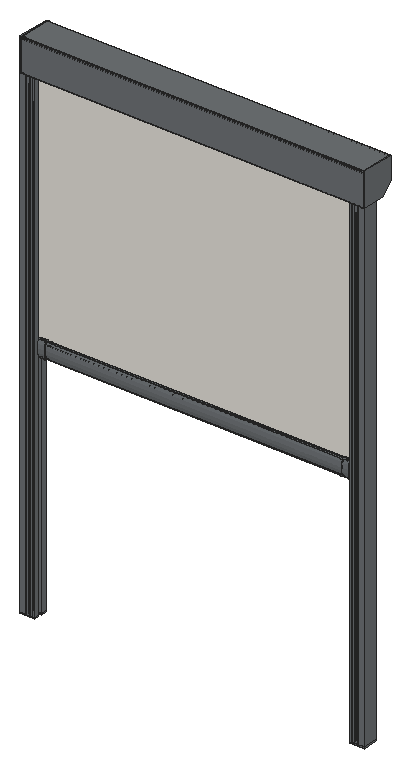
Revit family "Verano_V540_Ritzscreen_GM_R21", category Generic Models, Revit 2021
Family settings
  Can host rebar = No
  Round Connector Dimension = Use Diameter
  Part Type = Normal
  Work Plane-Based = Yes
  Always vertical = Yes
  Cut with Voids When Loaded = No
  Shared = No
  Room Calculation Point = No
Parameters (values of type "Chamfered")
  Width Input (1000 - 4000mm) [instance] = 1000 mm
  Width Constraint [instance] = if([Width Input (1000 - 4000mm)] < Minimal Width, Minimal Width, if([Width Input (1000 - 4000mm)] > Maximal Width, Maximal Width, [Width Input (1000 - 4000mm)]))  # 1000 mm
  Width [instance] = Width Constraint  # 1000 mm
  Warning - Width [instance] = if(or([Width Input (1000 - 4000mm)] < Minimal Width, [Width Input (1000 - 4000mm)] > Maximal Width), 1 = 1, 1 = 0)  # no
  Warning - Height [instance] = if(or([Height Input (1000 - 3000mm)] < Minimal Height, [Height Input (1000 - 3000mm)] > Maximal Height), 1 = 1, 1 = 0)  # no
  Vertical Profile Length [instance] = Height Constraint - 95 mm  # 1405 mm
  URL = "https://verano.nl/catalogus/ritsscreens"
  Profile Length [instance] = Width Constraint - 48.5 mm * 2  # 903 mm
  Model = "V540 Ritzscreen"
  Minimal Width [instance] = 1000 mm  # constant formula
  Minimal Height [instance] = 1000 mm  # constant formula
  Maximal Width [instance] = 4000 mm  # constant formula
  Maximal Height [instance] = 3000 mm  # constant formula
  Manufacturer = "Verano Systems"
  Height Input (1000 - 3000mm) [instance] = 1500 mm
  Height [instance] = Height Constraint  # 1500 mm
  F1 [instance] = (Vertical Profile Length - 37.5 mm - 10.5 mm - 3 mm) * [Closing Factor (1-100%)] / 100  # 677 mm
  F [instance] = (Height Constraint - 95 mm - 3 mm) * [Closing Factor (1-100%)] / 100  # 701 mm
  Sill Height = 800 mm
  Height Constraint [instance] = if([Height Input (1000 - 3000mm)] < Minimal Height, Minimal Height, if([Height Input (1000 - 3000mm)] > Maximal Height, Maximal Height, [Height Input (1000 - 3000mm)]))  # 1500 mm
  H1 [instance] = Height Constraint + Sill Height  # 2300 mm
  Frame Material [instance] = V_Antracite
  Fabric Material [instance] = V_Fabric Beige
  Default Elevation = Sill Height  # 800 mm
  Square Cassette = no
  Closing Factor Limit [instance] = if([Closing Factor (1-100%)] < 1, 1, if([Closing Factor (1-100%)] > 100, 100, [Closing Factor (1-100%)]))  # 50
  Closing Factor (1-100%) [instance] = 50
  Chamfered Cassette = yes
Types (2, lengths in mm): name | URL | Square Cassette | Chamfered Cassette
  Chamfered | "https://verano.nl/catalogus/ritsscreens" | no | yes
  Straight | 0 | yes | no
Reference planes
  plane 1 "Center (Front/Back)": y = 0
  plane 2: z = 0
  plane 3 "Center (Left/Right)": x = 0
  plane 4 "1": z = 800
  plane 5 "4": z = 2300
  plane 6 "3": z = 2205
  plane 7: x = -500
  plane 8: x = 500
  plane 9 "2": z = 1480
  plane 10: z = 1517.5
  plane 11: x = -450
  plane 12: x = 450
  plane 13 "C": y = 18.1
  plane 14: z = 1528
  plane 15: x = 480
  plane 16: x = -480
Forms (mm)
  Extrusion 1, solid, material "V_Fabric Beige" <- "Fabric Material"
    sketch origin (0, 18.1, 0) x (0, 0, -1) y (-1, 0, 0)
      loop
        line (-2205, 480) -> (-2205, -480) -> (-1517.5, -480) -> (-1517.5, 480) -> (-2205, 480)
    from -1 to 1
Dimensions and locks
  locked: plane 5 "4" to plane 6 "3" at 95
  "Sill Height": plane 4 "1" to level
  "Height Constraint": plane 5 "4" to plane 4 "1"
  equal spacing: plane 8, plane 3 "Center (Left/Right)", plane 7
  "Width Constraint": plane 8 to plane 7
  plane 6 "3" to plane 9 "2" = 725 mm
  locked: plane 10 to plane 9 "2" at 37.5
  locked: plane 11 to plane 7 at 50
  locked: plane 8 to plane 12 at 50
  plane 7 to plane 8 = 1000 mm
  "F1": plane 6 "3" to plane 14
  locked: plane 10 to plane 14 at 10.5
  locked: plane 8 to plane 15 at 20
  locked: plane 16 to plane 7 at 20
  aligned and locked: level to plane 2
  aligned and locked: plane 3 "Center (Left/Right)" to nested 1
  aligned and locked: Extrusion 1 to plane 10
  aligned and locked: plane 6 "3" to Extrusion 1
  aligned and locked: plane 10 to nested 2
  aligned and locked: nested 4 to plane 7
  aligned and locked: nested 4 to plane 13 "C"
  aligned and locked: nested 3 to plane 8
  aligned and locked: plane 13 "C" to nested 3
  aligned and locked: plane 4 "1" to nested 4
  aligned and locked: nested 3 to plane 4 "1"
  aligned and locked: Extrusion 1 to plane 16
  aligned and locked: plane 15 to Extrusion 1
Automatic sketch dimensions
  plane 12 to Extrusion 1 sketch curve = 30 mm
  Extrusion 1 sketch curve to plane 11 = 30 mm
  Extrusion 1 sketch curve to plane 6 "3" = 0 mm
  Extrusion 1 sketch curve to plane 10 = 0 mm
Nested families
  nested 1: "Doorsnede kap" at (0, 0.3, 2300), built-in parameter 1001360 <- "H1", type "Doorsnede kap"
    with 2 no
  nested 2: "Doorsnede onderlijs Swep" at (0, 18.1, 1517.5), type "Doorsnede onderlijs Swep"
  nested 3: "Doorsnede geleider" at (499.8, 18.1, 800) x (-1, 0, 0) z (0, 0, 1), type "Doorsnede geleider"
    with L 1405 mm, Default Elevation 0 mm
  nested 4: "Doorsnede geleider" at (-499.8, 18.1, 800), type "Doorsnede geleider"
    with L 1405 mm, Default Elevation 0 mm
Definition of nested family "Doorsnede kap"
  Parameters (values of type "Doorsnede kap")
    Length = 1000 mm
    Frame Material = none
    Default Elevation = 0 mm
    2 = yes
    1 = yes
  Reference planes
    plane 1 "Center (Front/Back)": y = 0
    plane 2: z = 0
    plane 3 "Center (Left/Right)": x = 0
    plane 4: x = -500
    plane 5: x = 500
    plane 6: x = -497.6
    plane 7: x = 497.6
    plane 8: z = -95
    plane 9: y = -0.3
  Forms (mm)
    Extrusion 1, solid, material <- "Frame Material", visible <- "1"
      sketch origin (0, 0, 0) x (0, 1, 0) y (0, 0, 1)
        loop
          line (93.5, -1.8) -> (93.5, -65.379) -> (65.379, -93.5) -> (26, -93.5) -> (26, -95) -> (65.047, -95)
          arc (65.047, -95) -> (65.927, -94.825) -> (66.674, -94.327) r 2.3
          line (66.674, -94.327) -> (94.326, -66.674)
          arc (94.326, -66.674) -> (94.825, -65.928) -> (95, -65.047) r 2.3
          line (95, -65.047) -> (95, -0.75)
          arc (95, -0.75) -> (94.78, -0.22) -> (94.25, 0) r 0.75
          line (94.25, 0) -> (0.75, 0)
          arc (0.75, 0) -> (0.22, -0.22) -> (0, -0.75) r 0.75
          line (0, -0.75) -> (0, -94.25)
          arc (0, -94.25) -> (0.22, -94.78) -> (0.75, -95) r 0.75
          line (0.75, -95) -> (8.5, -95) -> (8.5, -90)
          arc (8.5, -90) -> (8.47, -89.543) -> (8.381, -89.094) r 3.5
          line (8.381, -89.094) -> (6.69, -89.547)
          arc (6.69, -89.547) -> (3.763, -91.237) -> (5.453, -88.31) r 1.75
          line (5.453, -88.31) -> (5.906, -86.619)
          arc (5.906, -86.619) -> (3.49, -86.842) -> (1.8, -88.582) r 3.5
          line (1.8, -88.582) -> (1.8, -6.418)
          arc (1.8, -6.418) -> (3.49, -8.158) -> (5.906, -8.381) r 3.5
          line (5.906, -8.381) -> (5.453, -6.69)
          arc (5.453, -6.69) -> (3.763, -3.763) -> (6.69, -5.453) r 1.75
          line (6.69, -5.453) -> (8.381, -5.906)
          arc (8.381, -5.906) -> (8.158, -3.49) -> (6.418, -1.8) r 3.5
          line (6.418, -1.8) -> (93.5, -1.8)
      from -497.6 to 497.6
    Extrusion 2, solid, material <- "Frame Material", visible <- "2"
      sketch origin (0, 0, 0) x (0, 1, 0) y (0, 0, 1)
        loop
          line (93.5, -1.8) -> (93.5, -93.5) -> (26, -93.5) -> (26, -95) -> (94.25, -95)
          arc (94.25, -95) -> (94.78, -94.781) -> (95, -94.25) r 0.75
          line (95, -94.25) -> (95, -0.75)
          arc (95, -0.75) -> (94.78, -0.22) -> (94.25, 0) r 0.75
          line (94.25, 0) -> (0.75, 0)
          arc (0.75, 0) -> (0.22, -0.22) -> (0, -0.75) r 0.75
          line (0, -0.75) -> (0, -94.25)
          arc (0, -94.25) -> (0.22, -94.78) -> (0.75, -95) r 0.75
          line (0.75, -95) -> (8.5, -95) -> (8.5, -90)
          arc (8.5, -90) -> (8.47, -89.543) -> (8.381, -89.094) r 3.5
          line (8.381, -89.094) -> (6.69, -89.547)
          arc (6.69, -89.547) -> (3.763, -91.237) -> (5.453, -88.31) r 1.75
          line (5.453, -88.31) -> (5.906, -86.619)
          arc (5.906, -86.619) -> (3.49, -86.842) -> (1.8, -88.582) r 3.5
          line (1.8, -88.582) -> (1.8, -6.418)
          arc (1.8, -6.418) -> (3.49, -8.158) -> (5.906, -8.381) r 3.5
          line (5.906, -8.381) -> (5.453, -6.69)
          arc (5.453, -6.69) -> (3.763, -3.763) -> (6.69, -5.453) r 1.75
          line (6.69, -5.453) -> (8.381, -5.906)
          arc (8.381, -5.906) -> (8.158, -3.49) -> (6.418, -1.8) r 3.5
          line (6.418, -1.8) -> (93.5, -1.8)
      from -497.6 to 497.6
    Extrusion 3, solid, material <- "Frame Material", visible <- "1"
      sketch origin (0, 0, 0) x (0, 1, 0) y (0, 0, 1)
        loop
          line (94.25, 0.3) -> (0.75, 0.3)
          arc (0.75, 0.3) -> (0.008, -0.008) -> (-0.3, -0.75) r 1.05
          line (-0.3, -0.75) -> (-0.3, -94.249)
          arc (-0.3, -94.249) -> (0.008, -94.991) -> (0.75, -95.299) r 1.049
          line (0.75, -95.299) -> (65.059, -95.299)
          arc (65.059, -95.299) -> (66.051, -95.102) -> (66.893, -94.54) r 2.597
          line (66.893, -94.54) -> (94.538, -66.886)
          arc (94.538, -66.886) -> (95.102, -66.042) -> (95.3, -65.047) r 2.6
          line (95.3, -65.047) -> (95.3, -0.75)
          arc (95.3, -0.75) -> (94.992, -0.008) -> (94.25, 0.3) r 1.05
      from -500 to -497.6
    Extrusion 4, solid, material <- "Frame Material", visible <- "1"
      sketch origin (0, 0, 0) x (0, 1, 0) y (0, 0, -1)
        loop
          arc (94.25, -0.3) -> (94.992, 0.008) -> (95.3, 0.75) r 1.05
          line (95.3, 0.75) -> (95.3, 65.047)
          arc (95.3, 65.047) -> (95.102, 66.042) -> (94.539, 66.886) r 2.6
          line (94.539, 66.886) -> (66.893, 94.54)
          arc (66.893, 94.54) -> (66.051, 95.102) -> (65.059, 95.299) r 2.597
          line (65.059, 95.299) -> (0.75, 95.299)
          arc (0.75, 95.299) -> (0.008, 94.991) -> (-0.3, 94.249) r 1.049
          line (-0.3, 94.249) -> (-0.3, 0.75)
          arc (-0.3, 0.75) -> (0.008, 0.008) -> (0.75, -0.3) r 1.05
          line (0.75, -0.3) -> (94.25, -0.3)
      from -500 to -497.6
    Extrusion 5, solid, material <- "Frame Material", visible <- "2"
      sketch origin (0, 0, 0) x (0, 1, 0) y (0, 0, 1)
        loop
          line (95.303, -94.252) -> (95.303, -0.751)
          arc (95.303, -0.751) -> (94.995, -0.007) -> (94.252, 0.301) r 1.052
          line (94.252, 0.301) -> (0.75, 0.301)
          arc (0.75, 0.301) -> (0.008, -0.007) -> (-0.3, -0.75) r 1.05
          line (-0.3, -0.75) -> (-0.3, -94.249)
          arc (-0.3, -94.249) -> (0.008, -94.991) -> (0.75, -95.299) r 1.049
          line (0.75, -95.299) -> (94.256, -95.299)
          arc (94.256, -95.299) -> (94.997, -94.992) -> (95.303, -94.252) r 1.047
      from -500 to -497.6
    Extrusion 6, solid, material <- "Frame Material", visible <- "2"
      sketch origin (0, 0, 0) x (0, 1, 0) y (0, 0, -1)
        loop
          arc (95.303, 94.252) -> (94.997, 94.992) -> (94.256, 95.299) r 1.047
          line (94.256, 95.299) -> (0.75, 95.299)
          arc (0.75, 95.299) -> (0.008, 94.991) -> (-0.3, 94.249) r 1.049
          line (-0.3, 94.249) -> (-0.3, 0.75)
          arc (-0.3, 0.75) -> (0.008, 0.007) -> (0.75, -0.301) r 1.05
          line (0.75, -0.301) -> (94.252, -0.301)
          arc (94.252, -0.301) -> (94.995, 0.007) -> (95.303, 0.751) r 1.052
          line (95.303, 0.751) -> (95.303, 94.252)
      from -500 to -497.6
  Dimensions and locks
    equal spacing: plane 4, plane 3 "Center (Left/Right)", plane 5
    "Length": plane 4 to plane 5
    plane 1 "Center (Front/Back)" to Extrusion 5 = 95.303 mm
    locked: plane 4 to plane 6 at 2.4
    locked: plane 7 to plane 5 at 2.4
    aligned and locked: level to plane 2
    aligned and locked: Extrusion 1 to plane 6
    aligned and locked: plane 7 to Extrusion 1
    aligned and locked: Extrusion 2 to plane 6
    aligned and locked: plane 7 to Extrusion 2
    aligned and locked: plane 6 to Extrusion 3
    aligned and locked: Extrusion 3 to plane 4
    aligned and locked: Extrusion 4 to plane 7
    aligned and locked: plane 5 to Extrusion 4
    aligned and locked: plane 6 to Extrusion 5
    aligned and locked: Extrusion 5 to plane 4
    aligned and locked: Extrusion 6 to plane 7
    aligned and locked: plane 5 to Extrusion 6
  Automatic sketch dimensions
    Extrusion 1 sketch curve to Extrusion 1 sketch curve = 0 mm  (x12)
    Extrusion 1 sketch curve to plane 1 "Center (Front/Back)" = 0 mm
    Extrusion 1 sketch curve to level = 0 mm
    Extrusion 1 sketch curve to plane 8 = 0 mm  (x2)
    Extrusion 1 sketch curve to level = 0.75 mm
    Extrusion 1 sketch curve to plane 1 "Center (Front/Back)" = 0.75 mm
    Extrusion 1 sketch curve to plane 1 "Center (Front/Back)" = 1.8 mm
    Extrusion 1 sketch curve to Extrusion 1 sketch curve = 3.2 mm  (x2)
    Extrusion 1 sketch curve to Extrusion 1 sketch curve = 0.453 mm  (x5)
    Extrusion 1 sketch curve to Extrusion 1 sketch curve = 1.418 mm  (x2)
    Extrusion 1 sketch curve to Extrusion 1 sketch curve = 1.69 mm  (x5)
    Extrusion 1 sketch curve to level = 5.906 mm
    Extrusion 1 sketch curve to Extrusion 1 sketch curve = 1.81 mm
    plane 8 to Extrusion 1 sketch curve = 1.5 mm
    Extrusion 1 sketch curve to Extrusion 1 sketch curve = 17.5 mm
    Extrusion 1 sketch curve to Extrusion 1 sketch curve = 39.047 mm
    Extrusion 1 sketch curve to Extrusion 1 sketch curve = 0.331 mm  (x2)
    plane 8 to Extrusion 1 sketch curve = 0.673 mm
    Extrusion 1 sketch curve to Extrusion 1 sketch curve = 1.295 mm
    Extrusion 1 sketch curve to Extrusion 1 sketch curve = 27.653 mm
    Extrusion 1 sketch curve to level = 1.8 mm
    Extrusion 1 sketch curve to Extrusion 1 sketch curve = 0.8 mm
    Extrusion 1 sketch curve to Extrusion 1 sketch curve = 0.75 mm
    plane 8 to Extrusion 1 sketch curve = 28.326 mm
    Extrusion 1 sketch curve to Extrusion 1 sketch curve = 0.826 mm
    Extrusion 1 sketch curve to Extrusion 1 sketch curve = 1.5 mm
    plane 8 to Extrusion 1 sketch curve = 5 mm
    Extrusion 1 sketch curve to Extrusion 1 sketch curve = 2.475 mm
    Extrusion 2 sketch curve to Extrusion 2 sketch curve = 0 mm  (x12)
    Extrusion 2 sketch curve to plane 1 "Center (Front/Back)" = 0 mm
    Extrusion 2 sketch curve to plane 8 = 0 mm  (x2)
    Extrusion 2 sketch curve to level = 0 mm
    Extrusion 2 sketch curve to level = 0.75 mm
    Extrusion 2 sketch curve to plane 1 "Center (Front/Back)" = 0.75 mm
    Extrusion 2 sketch curve to plane 1 "Center (Front/Back)" = 1.8 mm
    Extrusion 2 sketch curve to Extrusion 2 sketch curve = 3.2 mm  (x2)
    Extrusion 2 sketch curve to Extrusion 2 sketch curve = 0.453 mm  (x5)
    Extrusion 2 sketch curve to Extrusion 2 sketch curve = 1.418 mm  (x2)
    Extrusion 2 sketch curve to Extrusion 2 sketch curve = 1.69 mm  (x5)
    Extrusion 2 sketch curve to level = 5.906 mm
    plane 8 to Extrusion 2 sketch curve = 5.906 mm
    Extrusion 2 sketch curve to Extrusion 2 sketch curve = 1.81 mm
    plane 8 to Extrusion 2 sketch curve = 1.5 mm
    Extrusion 2 sketch curve to Extrusion 2 sketch curve = 17.5 mm
    Extrusion 2 sketch curve to Extrusion 2 sketch curve = 67.5 mm
    Extrusion 2 sketch curve to Extrusion 2 sketch curve = 0.75 mm  (x2)
    plane 8 to Extrusion 2 sketch curve = 0.75 mm
    Extrusion 2 sketch curve to Extrusion 2 sketch curve = 2.475 mm
    Extrusion 2 sketch curve to Extrusion 2 sketch curve = 0.273 mm
    plane 9 to Extrusion 3 sketch curve = 0 mm
    Extrusion 3 sketch curve to plane 1 "Center (Front/Back)" = 0.75 mm  (x2)
    Extrusion 3 sketch curve to plane 8 = 0.299 mm
    Extrusion 3 sketch curve to Extrusion 3 sketch curve = 64.309 mm
    plane 8 to Extrusion 3 sketch curve = 0.46 mm
    Extrusion 3 sketch curve to Extrusion 3 sketch curve = 1.834 mm
    Extrusion 3 sketch curve to Extrusion 3 sketch curve = 27.641 mm
    level to Extrusion 3 sketch curve = 0.3 mm
    Extrusion 3 sketch curve to Extrusion 3 sketch curve = 1.55 mm
    plane 8 to Extrusion 3 sketch curve = 28.114 mm
    Extrusion 3 sketch curve to Extrusion 3 sketch curve = 1.838 mm
    Extrusion 3 sketch curve to level = 0.75 mm
    plane 9 to Extrusion 4 sketch curve = 0 mm
    Extrusion 4 sketch curve to plane 1 "Center (Front/Back)" = 0.75 mm  (x2)
    Extrusion 4 sketch curve to plane 8 = 0.299 mm
    Extrusion 4 sketch curve to Extrusion 4 sketch curve = 64.309 mm
    plane 8 to Extrusion 4 sketch curve = 0.46 mm
    Extrusion 4 sketch curve to Extrusion 4 sketch curve = 1.834 mm
    Extrusion 4 sketch curve to Extrusion 4 sketch curve = 27.641 mm
    level to Extrusion 4 sketch curve = 0.3 mm
    Extrusion 4 sketch curve to Extrusion 4 sketch curve = 1.55 mm
    plane 8 to Extrusion 4 sketch curve = 28.114 mm
    Extrusion 4 sketch curve to Extrusion 4 sketch curve = 1.839 mm
    Extrusion 4 sketch curve to level = 0.75 mm
    plane 9 to Extrusion 5 sketch curve = 0 mm
    Extrusion 5 sketch curve to plane 1 "Center (Front/Back)" = 0.75 mm  (x2)
    level to Extrusion 5 sketch curve = 0.301 mm
    Extrusion 5 sketch curve to level = 0.751 mm
    Extrusion 5 sketch curve to Extrusion 5 sketch curve = 93.501 mm
    Extrusion 5 sketch curve to plane 8 = 0.299 mm
    Extrusion 5 sketch curve to Extrusion 5 sketch curve = 1.047 mm
    plane 9 to Extrusion 6 sketch curve = 0 mm
    Extrusion 6 sketch curve to plane 1 "Center (Front/Back)" = 0.75 mm  (x2)
    level to Extrusion 6 sketch curve = 0.301 mm
    Extrusion 6 sketch curve to level = 0.751 mm
    Extrusion 6 sketch curve to Extrusion 6 sketch curve = 93.501 mm
    Extrusion 6 sketch curve to plane 8 = 0.299 mm
    Extrusion 6 sketch curve to Extrusion 6 sketch curve = 1.047 mm
Definition of nested family "Doorsnede onderlijs Swep"
  Parameters (values of type "Doorsnede onderlijs Swep")
    Length = 903 mm
    Frame Material = none
    Default Elevation = 1219.2 mm
  Reference planes
    plane 1 "Center (Front/Back)": y = 0
    plane 2: z = 0
    plane 3 "Center (Left/Right)": x = 0
    plane 4: x = -431.5
    plane 5: x = 431.5
    plane 6: x = -451.5
    plane 7: x = 451.5
  Forms (mm)
    Sweep 1, solid, material <- "Frame Material"
      path origin (0, 0, 0) x (1, 0, 0) y (0, 1, 0)
        loop
          line (-431.5, 0) -> (431.5, 0)
      profile "Doorsnede onderlijs : Doorsnede onderlijs" origin (0, 0, 0) x (0, 1, 0) y (0, 0, 1)
        loop
          line (-3.7, 4.336) -> (-3.7, 7.8) -> (-8.194, 7.8)
          arc (-8.194, 7.8) -> (-12.3, -13.5) -> (-8.194, -34.8) r 57.3
          line (-8.194, -34.8) -> (-4.15, -34.8) -> (-4.15, -32.4) -> (4.15, -32.4) -> (4.15, -34.8) -> (8.194, -34.8)
          arc (8.194, -34.8) -> (12.3, -13.5) -> (8.194, 7.8) r 57.3
          line (8.194, 7.8) -> (3.7, 7.8) -> (3.7, 4.336)
          arc (3.7, 4.336) -> (0, -5.7) -> (-3.7, 4.336) r 5.7
        loop
          arc (-9.308, 8.246) -> (-13.5, -13.5) -> (-9.308, -35.246) r 58.5
          arc (-9.308, -35.246) -> (-8.867, -35.794) -> (-8.194, -36) r 1.2
          line (-8.194, -36) -> (-1.75, -36) -> (-1.75, -34.8) -> (-2.95, -34.8) -> (-2.95, -33.6) -> (2.95, -33.6) -> (2.95, -34.8) -> (1.75, -34.8) -> (1.75, -36) -> (8.194, -36)
          arc (8.194, -36) -> (8.867, -35.794) -> (9.308, -35.246) r 1.2
          arc (9.308, -35.246) -> (13.5, -13.5) -> (9.308, 8.246) r 58.5
          arc (9.308, 8.246) -> (8.867, 8.794) -> (8.194, 9) r 1.2
          line (8.194, 9) -> (2.5, 9) -> (2.5, 3.742)
          arc (2.5, 3.742) -> (0, -4.5) -> (-2.5, 3.742) r 4.5
          line (-2.5, 3.742) -> (-2.5, 9) -> (-8.194, 9)
          arc (-8.194, 9) -> (-8.867, 8.794) -> (-9.308, 8.246) r 1.2
    Extrusion 2, solid, material <- "Frame Material"
      sketch origin (0, 0, 0) x (0, 1, 0) y (0, 0, 1)
        loop
          arc (-10.701, -35.804) -> (-9.707, -37.036) -> (-8.194, -37.5) r 2.7
          line (-8.194, -37.5) -> (8.194, -37.5)
          arc (8.194, -37.5) -> (9.707, -37.036) -> (10.701, -35.804) r 2.7
          arc (10.701, -35.804) -> (15, -13.5) -> (10.701, 8.804) r 60
          arc (10.701, 8.804) -> (9.707, 10.036) -> (8.194, 10.5) r 2.7
          line (8.194, 10.5) -> (-8.194, 10.5)
          arc (-8.194, 10.5) -> (-9.707, 10.036) -> (-10.701, 8.804) r 2.7
          arc (-10.701, 8.804) -> (-15, -13.5) -> (-10.701, -35.804) r 60
      from 431.5 to 451.5
    Extrusion 3, solid, material <- "Frame Material"
      sketch origin (0, 0, 0) x (0, 1, 0) y (0, 0, -1)
        loop
          arc (-10.701, 35.804) -> (-15, 13.5) -> (-10.701, -8.804) r 60
          arc (-10.701, -8.804) -> (-9.707, -10.036) -> (-8.194, -10.5) r 2.7
          line (-8.194, -10.5) -> (8.194, -10.5)
          arc (8.194, -10.5) -> (9.707, -10.036) -> (10.701, -8.804) r 2.7
          arc (10.701, -8.804) -> (15, 13.5) -> (10.701, 35.804) r 60
          arc (10.701, 35.804) -> (9.707, 37.036) -> (8.194, 37.5) r 2.7
          line (8.194, 37.5) -> (-8.194, 37.5)
          arc (-8.194, 37.5) -> (-9.707, 37.036) -> (-10.701, 35.804) r 2.7
      from 431.5 to 451.5
  Dimensions and locks
    equal spacing: plane 6, plane 3 "Center (Left/Right)", plane 7
    "Length": plane 6 to plane 7
    locked: plane 6 to plane 4 at 20
    locked: plane 5 to plane 7 at 20
    aligned and locked: level to plane 2
    aligned and locked: plane 1 "Center (Front/Back)" to Sweep 1 sketch curve
    aligned and locked: plane 5 to Sweep 1 sketch curve
    aligned and locked: plane 4 to Sweep 1 sketch curve
    aligned and locked: plane 4 to Sweep 1
    aligned and locked: plane 5 to Sweep 1
    aligned and locked: Extrusion 2 to plane 5
    aligned and locked: plane 7 to Extrusion 2
    aligned and locked: Extrusion 3 to plane 6
    aligned and locked: plane 4 to Extrusion 3
    aligned and locked: Extrusion 2 to plane 7
    aligned and locked: plane 5 to Extrusion 2
  Automatic sketch dimensions
    Extrusion 2 sketch curve to level = 13.5 mm  (x2)
    plane 1 "Center (Front/Back)" to Extrusion 2 sketch curve = 45 mm
    plane 1 "Center (Front/Back)" to Extrusion 2 sketch curve = 8.194 mm  (x2)
    Extrusion 2 sketch curve to plane 1 "Center (Front/Back)" = 8.194 mm  (x2)
    Extrusion 2 sketch curve to Extrusion 2 sketch curve = 36.806 mm
    Extrusion 2 sketch curve to level = 34.8 mm
    Extrusion 2 sketch curve to Extrusion 2 sketch curve = 0 mm  (x3)
    Extrusion 2 sketch curve to Extrusion 2 sketch curve = 2.7 mm  (x2)
    level to Extrusion 2 sketch curve = 7.8 mm  (x2)
    Extrusion 3 sketch curve to level = 13.5 mm  (x2)
    plane 1 "Center (Front/Back)" to Extrusion 3 sketch curve = 45 mm
    plane 1 "Center (Front/Back)" to Extrusion 3 sketch curve = 8.194 mm  (x2)
    Extrusion 3 sketch curve to plane 1 "Center (Front/Back)" = 8.194 mm  (x2)
    Extrusion 3 sketch curve to Extrusion 3 sketch curve = 36.806 mm
    level to Extrusion 3 sketch curve = 7.8 mm  (x2)
    Extrusion 3 sketch curve to Extrusion 3 sketch curve = 2.7 mm  (x2)
    Extrusion 3 sketch curve to level = 34.8 mm
    Extrusion 3 sketch curve to Extrusion 3 sketch curve = 0 mm  (x3)
Definition of nested family "Doorsnede geleider"
  Parameters
    L = 1000 mm
    Frame Material = none
    Default Elevation = 1219.2 mm
  Reference planes
    plane 1 "Center (Front/Back)": y = 0
    plane 2: z = 0
    plane 3 "Center (Left/Right)": x = 0
    plane 4: z = 1000
    plane 5: z = 3
    plane 6: x = -0.2
  Forms (mm)
    Extrusion 1, solid, material <- "Frame Material"
      sketch origin (0, 0, 0) x (1, 0, 0) y (0, 1, 0)
        loop
          line (0, 17.45) -> (0, -24.45) -> (42, -24.45) -> (42, -7.75) -> (32.9, -7.75)
          arc (32.9, -7.75) -> (32.4, -8.25) -> (32.9, -8.75) r 0.5
          line (32.9, -8.75) -> (36.8, -8.75) -> (36.8, -15.05) -> (16.5, -15.05) -> (16.5, -10.05) -> (18.2, -10.05)
          arc (18.2, -10.05) -> (18.8, -9.45) -> (18.2, -8.85) r 0.6
          line (18.2, -8.85) -> (14.9, -8.85) -> (14.9, 8.45) -> (18.2, 8.45)
          arc (18.2, 8.45) -> (18.8, 9.05) -> (18.2, 9.65) r 0.6
          line (18.2, 9.65) -> (16.5, 9.65) -> (16.5, 15.05) -> (36.8, 15.05) -> (36.8, 8.35) -> (32.9, 8.35)
          arc (32.9, 8.35) -> (32.4, 7.85) -> (32.9, 7.35) r 0.5
          line (32.9, 7.35) -> (42, 7.35) -> (42, 17.45) -> (36.8, 17.45) -> (36.8, 16.25) -> (28.548, 16.25) -> (27.348, 17.45) -> (20.848, 17.45) -> (19.648, 16.25) -> (16.5, 16.25) -> (16.5, 17.45) -> (0, 17.45)
      from 3 to 1000
    Extrusion 2, solid, material <- "Frame Material"
      sketch origin (0, 0, 0) x (1, 0, 0) y (0, 1, 0)
        loop
          line (-0.2, 17.65) -> (-0.2, -24.65) -> (42.2, -24.65) -> (42.2, -7.85) -> (20.2, -7.85) -> (20.2, 7.45) -> (42.2, 7.45) -> (42.2, 17.65) -> (-0.2, 17.65)
      from 0 to 3
  Dimensions and locks
    locked: plane 5 to plane 2 at 3
    "L": plane 4 to plane 2
    aligned and locked: level to plane 2
    aligned and locked: Extrusion 1 to plane 5
    aligned and locked: plane 4 to Extrusion 1
    aligned and locked: Extrusion 2 to plane 2
    aligned and locked: plane 5 to Extrusion 2
  Automatic sketch dimensions
    Extrusion 1 sketch curve to plane 3 "Center (Left/Right)" = 0 mm
    plane 3 "Center (Left/Right)" to Extrusion 1 sketch curve = 14.9 mm
    Extrusion 1 sketch curve to Extrusion 1 sketch curve = 1.6 mm  (x2)
    Extrusion 1 sketch curve to Extrusion 1 sketch curve = 0 mm  (x2)
    Extrusion 1 sketch curve to Extrusion 1 sketch curve = 1.7 mm  (x2)
    Extrusion 1 sketch curve to Extrusion 1 sketch curve = 3.148 mm
    Extrusion 1 sketch curve to Extrusion 1 sketch curve = 1.2 mm  (x7)
    Extrusion 1 sketch curve to Extrusion 1 sketch curve = 6.5 mm
    Extrusion 1 sketch curve to Extrusion 1 sketch curve = 4.352 mm
    Extrusion 1 sketch curve to Extrusion 1 sketch curve = 14.7 mm
    Extrusion 1 sketch curve to Extrusion 1 sketch curve = 8.252 mm
    Extrusion 1 sketch curve to Extrusion 1 sketch curve = 3.9 mm
    Extrusion 1 sketch curve to Extrusion 1 sketch curve = 5.2 mm  (x2)
    plane 1 "Center (Front/Back)" to Extrusion 1 sketch curve = 24.45 mm
    Extrusion 1 sketch curve to Extrusion 1 sketch curve = 9.4 mm
    Extrusion 1 sketch curve to Extrusion 1 sketch curve = 5 mm
    Extrusion 1 sketch curve to Extrusion 1 sketch curve = 0.6 mm  (x2)
    Extrusion 1 sketch curve to Extrusion 1 sketch curve = 6.3 mm
    Extrusion 1 sketch curve to Extrusion 1 sketch curve = 0.5 mm  (x2)
    Extrusion 1 sketch curve to plane 1 "Center (Front/Back)" = 7.35 mm
    Extrusion 1 sketch curve to plane 1 "Center (Front/Back)" = 8.45 mm
    Extrusion 1 sketch curve to Extrusion 1 sketch curve = 5.4 mm
    Extrusion 2 sketch curve to plane 1 "Center (Front/Back)" = 7.45 mm
    plane 3 "Center (Left/Right)" to Extrusion 2 sketch curve = 20.2 mm
    Extrusion 2 sketch curve to Extrusion 2 sketch curve = 22 mm
    Extrusion 2 sketch curve to Extrusion 2 sketch curve = 0 mm
    plane 1 "Center (Front/Back)" to Extrusion 2 sketch curve = 7.85 mm
    Extrusion 2 sketch curve to Extrusion 2 sketch curve = 16.8 mm
    Extrusion 2 sketch curve to Extrusion 2 sketch curve = 10.2 mm
    Extrusion 2 sketch curve to plane 3 "Center (Left/Right)" = 0.2 mm
